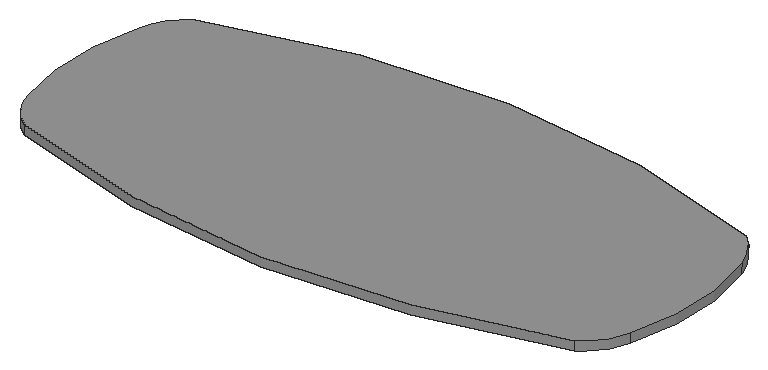
Revit family "Haworth_Epure_MeetingTop_EU_PRELIMINARY", category Furniture, Revit 2019
Family settings
  OmniClass Number = 23.40.70.14.64.11
  OmniClass Title = Office Furniture
  Work Plane-Based = No
  Always vertical = Yes
  Cut with Voids When Loaded = No
  Shared = No
  Room Calculation Point = No
Parameters (values of type "240 x 120 - Barrel")
  Warranty = "http://www.haworth.com/resources/product-info/warranties"
  URL - Product = "https://www.haworth.com/eu/en/products/office-desks/epure-01.html"
  Type Comments = ""
  URL = "https://www.haworth.com/eu/en.html"
  Top Finish [instance] = Haworth _ Laminate _ Undecided _ Tables
  Size = "Verify Final Dim.w/ Haworth"  # constant formula
  Revision Number = "1"  # constant formula
  Model = "EUMXTXXXX"  # constant formula
  Manufacturer = "Haworth"  # constant formula
  Leg Height = Actual Height - 3.5 cm  # 69.5 cm
  Description = "Haworth - Epure - Meeting Top"  # constant formula
  Author = "Haworth (Abd Rahman)"  # constant formula
  Assembly Code = "E2020200"
  Actual Width = 240 cm
  Actual Height = 73 cm  # constant formula
  Actual Depth = 120 cm
  70 x 70 - Rectangular = no
  70 x 70 - 90Deg Linking = no
  70 x 70 - 45Deg Linking = no
  70 x 70 - 1/4 Elliptical = no
  240 x 120 - Barrel = yes
  210 x 70 - Rectangular = no
  200 x 100 - Barrel = no
  140 x 70 - Rectangular = no
  140 x 70 - Half-moon = no
Types (9, lengths in cm): name | Actual Width | Actual Depth | 70 x 70 - Rectangular | 70 x 70 - 90Deg Linking | 70 x 70 - 45Deg Linking | 70 x 70 - 1/4 Elliptical | 240 x 120 - Barrel | 210 x 70 - Rectangular | 200 x 100 - Barrel | 140 x 70 - Rectangular | 140 x 70 - Half-moon
  70 x 70 - Rectangular | 70 | 70 | yes | no | no | no | no | no | no | no | no
  140 x 70 - Half-moon | 140 | 70 | no | no | no | no | no | no | no | no | yes
  140 x 70 - Rectangular | 140 | 70 | no | no | no | no | no | no | no | yes | no
  200 x 100 - Barrel | 200 | 100 | no | no | no | no | no | no | yes | no | no
  210 x 70 - Rectangular | 210 | 70 | no | no | no | no | no | yes | no | no | no
  240 x 120 - Barrel | 240 | 120 | no | no | no | no | yes | no | no | no | no
  70 x 70 - 1/4 Elliptical | 70 | 70 | no | no | no | yes | no | no | no | no | no
  70 x 70 - 45Deg Linking | 70 | 70 | no | no | yes | no | no | no | no | no | no
  70 x 70 - 90Deg Linking | 70 | 70 | no | yes | no | no | no | no | no | no | no
Reference planes (cm)
  plane 1 "Center F/B": y = 17.4526
  plane 2: z = 0
  plane 3 "Center L/R": x = 11.43
  plane 4 "Top": z = 73
  plane 5 "Left": x = -108.57
  plane 6 "Right": x = 131.43
  plane 7 "Back": y = 77.4526
  plane 8 "Front": y = -42.5474
  plane 9: z = 70.5
  plane 10: z = 69.5
Dimensions and locks (cm)
  "Actual Height": plane 4 "Top" to level
  equal spacing: plane 7 "Back", plane 1 "Center F/B", plane 8 "Front"
  "Actual Depth": plane 7 "Back" to plane 8 "Front"
  equal spacing: plane 5 "Left", plane 3 "Center L/R", plane 6 "Right"
  "Actual Width": plane 5 "Left" to plane 6 "Right"
  plane 4 "Top" to plane 9 to plane 10 = 2.5 cm locked, 1 cm locked
  aligned and locked: nested 1 to plane 10
  aligned and locked: plane 3 "Center L/R" to nested 1
  aligned and locked: plane 1 "Center F/B" to nested 1
Nested families (cm)
  nested 1: "Haworth_Epure_Top_MeetingEU-PART" at (67.1159, 24.6626, 25), Top Finish <- "Top Finish", type "Meeting Top"
    with Top Finish Haworth _ Laminate _ Undecided _ Tables
Definition of nested family "Haworth_Epure_Top_MeetingEU-PART"
  Parameters (values of type "Meeting Top")
    Warranty = "http://www.haworth.com/resources/product-info/warranties"
    URL - Product = ""
    URL = "https://www.haworth.com/eu/en.html"
    Top Finish [instance] = none
    Thickness = 3.5 cm
    Size = "Verify Final Dim. w/ Haworth"  # constant formula
    Revision Number = "1"  # constant formula
    Model = ""
    Manufacturer = "Haworth"  # constant formula
    Description = ""
    Author = "Haworth (Abd Rahman)"  # constant formula
    Assembly Code = "E2020200"
    Actual Mounting Height = 45 cm
    70 x 70 - Rectangular = yes
    70 x 70 - 90Deg Linking = yes
    70 x 70 - 45Deg Linking = yes
    70 x 70 - 1/4 Elliptical = yes
    240 x 120 - Barrel = yes
    210 x 70 - Rectangular = yes
    200 x 100 - Barrel = yes
    140 x 70 - Rectangular = yes
    140 x 70 - Half-moon = yes
  Reference planes (cm)
    plane 1: z = -0.5
    plane 2 "Top of top": z = 48
    plane 3 "Bottom of top": z = 44.5
    plane 4: x = -132.6859
    plane 5: x = 21.3141
    plane 6: x = -55.6859
    plane 7: y = 63.79
    plane 8: y = -78.21
    plane 9: y = -7.21
  Forms (cm)
    Extrusion 1, solid, material <- "Top Finish", visible <- "240 x 120 - Barrel"
      sketch origin (372.6683, 148.4364, 0) x (1, 0, 0) y (0, 1, 0)
        loop
          arc (-534.3294, -114.655) -> (-540.7985, -120.6767) -> (-544.2596, -128.8086) r 21.2579
          arc (-544.2596, -128.8086) -> (-548.3543, -155.6464) -> (-544.2596, -182.4843) r 89.9999
          arc (-544.2596, -182.4843) -> (-540.731, -190.6607) -> (-534.2545, -196.773) r 22.0374
          arc (-534.2545, -196.773) -> (-428.3049, -215.4194) -> (-322.3791, -196.6378) r 309.2073
          arc (-322.3791, -196.6378) -> (-315.8969, -190.6254) -> (-312.4489, -182.4843) r 21.0899
          arc (-312.4489, -182.4843) -> (-308.3543, -155.6464) -> (-312.4489, -128.8086) r 90
          arc (-312.4489, -128.8086) -> (-316.3119, -120.9586) -> (-322.3791, -114.655) r 28.4273
          arc (-322.3791, -114.655) -> (-428.3543, -95.8802) -> (-534.3294, -114.655) r 308.4776
      from 44.5 to 48
    Extrusion 2, solid, material <- "Top Finish", visible <- "200 x 100 - Barrel"
      sketch origin (670.1248, 143.8059, 0) x (1, 0, 0) y (0, 1, 0)
        loop
          arc (-629.6084, -126.66) -> (-633.4503, -118.6656) -> (-640.9993, -114.0091) r 15.7705
          arc (-640.9993, -114.0091) -> (-725.8107, -101.0384) -> (-810.6221, -114.0091) r 283.763
          arc (-810.6221, -114.0091) -> (-818.1711, -118.6656) -> (-822.013, -126.66) r 15.7705
          arc (-822.013, -126.66) -> (-825.7918, -151.0159) -> (-822.013, -175.3719) r 80.3824
          arc (-822.013, -175.3719) -> (-816.6854, -184.7861) -> (-806.7385, -189.0367) r 16.8886
          arc (-806.7385, -189.0367) -> (-725.8107, -200.8513) -> (-644.883, -189.0367) r 283.0766
          arc (-644.883, -189.0367) -> (-634.936, -184.7861) -> (-629.6084, -175.3719) r 16.8886
          arc (-629.6084, -175.3719) -> (-625.8297, -151.0159) -> (-629.6084, -126.66) r 80.3824
      from 44.5 to 48
    Extrusion 3, solid, material <- "Top Finish", visible <- "70 x 70 - 1/4 Elliptical"
      sketch origin (652.3099, -14.1405, 0) x (1, 0, 0) y (0, 1, 0)
        loop
          line (-782.9958, 33.9921) -> (-782.9958, -36.0079) -> (-775.1734, -36.0079)
          arc (-775.1734, -36.0079) -> (-730.153, -29.946) -> (-687.5566, -14.1625) r 205.9602
          arc (-687.5566, -14.1625) -> (-663.1214, 2.2148) -> (-643.5027, 24.1329) r 117.8631
          arc (-643.5027, 24.1329) -> (-636.2003, 38.5082) -> (-632.9958, 54.3103) r 59.9133
          line (-632.9958, 54.3103) -> (-632.9958, 58.9841) -> (-702.9958, 58.9841) -> (-702.9958, 58.2478)
          arc (-702.9958, 58.2478) -> (-704.5781, 53.9461) -> (-707.6722, 50.5645) r 11.8702
          arc (-707.6722, 50.5645) -> (-714.9047, 46.0092) -> (-722.7256, 42.5605) r 58.2912
          arc (-722.7256, 42.5605) -> (-736.3923, 38.5653) -> (-750.4272, 36.1651) r 123.8475
          arc (-750.4272, 36.1651) -> (-762.7871, 34.9284) -> (-775.1734, 33.9921) r 511.7291
          line (-775.1734, 33.9921) -> (-782.9958, 33.9921)
      from 44.5 to 48
    Extrusion 4, solid, material <- "Top Finish", visible <- "70 x 70 - 45Deg Linking"
      sketch origin (731.8315, -158.9238, 0) x (1, 0, 0) y (0, 1, 0)
        loop
          line (-752.5174, 172.3917) -> (-822.5174, 172.3917) -> (-823.4741, 170.082) -> (-773.9766, 120.5845)
          arc (-773.9766, 120.5845) -> (-758.0945, 144.3539) -> (-752.5174, 172.3917) r 73.2664
      from 44.5 to 48
    Extrusion 5, solid, material <- "Top Finish", visible <- "70 x 70 - 90Deg Linking"
      sketch origin (617.3099, -143.6981, 0) x (1, 0, 0) y (0, 1, 0)
        loop
          line (-637.9958, 171.4881) -> (-707.9958, 171.4881) -> (-707.9958, 101.4881) -> (-700.9958, 101.4881)
          arc (-700.9958, 101.4881) -> (-690.4631, 102.6967) -> (-680.4779, 106.2596) r 46.5
          arc (-680.4779, 106.2596) -> (-658.4983, 121.9906) -> (-642.7673, 143.9702) r 82.673
          arc (-642.7673, 143.9702) -> (-639.2044, 153.9554) -> (-637.9958, 164.4881) r 46.5
          line (-637.9958, 164.4881) -> (-637.9958, 171.4881)
      from 44.5 to 48
    Extrusion 6, solid, material <- "Top Finish", visible <- "140 x 70 - Half-moon"
      sketch origin (659.2436, -304.6654, 0) x (1, 0, 0) y (0, 1, 0)
        loop
          line (-784.9295, 323.349) -> (-784.9251, 313.349)
          arc (-784.9251, 313.349) -> (-781.0479, 293.4024) -> (-769.9809, 276.3608) r 53.2465
          arc (-769.9809, 276.3608) -> (-744.8269, 259.2038) -> (-714.9273, 253.451) r 75.0549
          arc (-714.9273, 253.451) -> (-685.0277, 259.2038) -> (-659.8737, 276.3608) r 75.0549
          arc (-659.8737, 276.3608) -> (-648.8067, 293.4024) -> (-644.9295, 313.349) r 53.2465
          line (-644.9295, 313.349) -> (-644.9295, 323.349) -> (-784.9295, 323.349)
      from 44.5 to 48
    Extrusion 7, solid, material <- "Top Finish", visible <- "70 x 70 - Rectangular"
      sketch origin (683.862, -437.0379, 0) x (1, 0, 0) y (0, 1, 0)
        loop
          line (-774.5479, 464.8279) -> (-774.5479, 394.8279) -> (-704.5479, 394.8279) -> (-704.5479, 464.8279) -> (-774.5479, 464.8279)
      from 44.5 to 48
    Extrusion 8, solid, material <- "Top Finish", visible <- "140 x 70 - Rectangular"
      sketch origin (539.0581, -433.6734, 0) x (1, 0, 0) y (0, 1, 0)
        loop
          line (-664.744, 461.4634) -> (-664.744, 391.4634) -> (-524.744, 391.4634) -> (-524.744, 461.4634) -> (-664.744, 461.4634)
      from 44.5 to 48
    Extrusion 9, solid, material <- "Top Finish", visible <- "210 x 70 - Rectangular"
      sketch origin (309.0436, -431.2264, 0) x (1, 0, 0) y (0, 1, 0)
        loop
          line (-469.7295, 461.6716) -> (-469.7295, 391.6716) -> (-259.7295, 391.6716) -> (-259.7295, 461.6716) -> (-469.7295, 461.6716)
      from 44.5 to 48
  Lines and regions (cm)
    Masking region 1, visible <- "70 x 70 - Rectangular"
      outline origin (683.862, -437.0379, 0) x (1, 0, 0) y (0, 1, 0)
        loop
          line (-774.5479, 394.8279) -> (-704.5479, 394.8279) -> (-704.5479, 464.8279) -> (-774.5479, 464.8279) -> (-774.5479, 394.8279)
    Masking region 2, visible <- "140 x 70 - Rectangular"
      outline origin (539.0581, -433.6734, 0) x (1, 0, 0) y (0, 1, 0)
        loop
          line (-524.744, 461.4634) -> (-664.744, 461.4634) -> (-664.744, 391.4634) -> (-524.744, 391.4634) -> (-524.744, 461.4634)
    Masking region 3, visible <- "210 x 70 - Rectangular"
      outline origin (309.0436, -431.2264, 0) x (1, 0, 0) y (0, 1, 0)
        loop
          line (-259.7295, 461.6716) -> (-469.7295, 461.6716) -> (-469.7295, 391.6716) -> (-259.7295, 391.6716) -> (-259.7295, 461.6716)
    Masking region 4, visible <- "140 x 70 - Half-moon"
      outline origin (659.2436, -304.6654, 0) x (1, 0, 0) y (0, 1, 0)
        loop
          line (-644.9294, 323.349) -> (-784.927, 323.349) -> (-784.927, 313.3493)
          arc (-784.927, 313.3493) -> (-781.0498, 293.4024) -> (-769.9826, 276.3605) r 53.2475
          arc (-769.9826, 276.3605) -> (-744.8282, 259.2032) -> (-714.928, 253.4504) r 75.0556
          arc (-714.928, 253.4504) -> (-685.0279, 259.2032) -> (-659.8736, 276.3604) r 75.0553
          arc (-659.8736, 276.3604) -> (-648.8066, 293.4021) -> (-644.9294, 313.3487) r 53.2468
          line (-644.9294, 313.3487) -> (-644.9294, 323.349)
    Masking region 5, visible <- "70 x 70 - 45Deg Linking"
      outline origin (731.8315, -158.9238, 0) x (1, 0, 0) y (0, 1, 0)
        loop
          arc (-773.9766, 120.5845) -> (-758.0945, 144.3539) -> (-752.5174, 172.3917) r 73.2664
          line (-752.5174, 172.3917) -> (-822.5174, 172.3917) -> (-823.4741, 170.082) -> (-773.9766, 120.5845)
    Masking region 6, visible <- "70 x 70 - 90Deg Linking"
      outline origin (617.3099, -143.6981, 0) x (1, 0, 0) y (0, 1, 0)
        loop
          line (-637.9958, 171.4881) -> (-707.9958, 171.4881) -> (-707.9958, 101.4881) -> (-700.9958, 101.4881)
          arc (-700.9958, 101.4881) -> (-690.4631, 102.6967) -> (-680.4779, 106.2596) r 46.5
          arc (-680.4779, 106.2596) -> (-658.4983, 121.9906) -> (-642.7673, 143.9702) r 82.673
          arc (-642.7673, 143.9702) -> (-639.2044, 153.9554) -> (-637.9958, 164.4881) r 46.5
          line (-637.9958, 164.4881) -> (-637.9958, 171.4881)
    Masking region 7, visible <- "70 x 70 - 1/4 Elliptical"
      outline origin (652.3099, -14.1405, 0) x (1, 0, 0) y (0, 1, 0)
        loop
          arc (-722.7256, 42.5605) -> (-736.3923, 38.5653) -> (-750.4272, 36.1651) r 123.8475
          arc (-750.4272, 36.1651) -> (-762.7871, 34.9284) -> (-775.1734, 33.9921) r 511.7291
          line (-775.1734, 33.9921) -> (-782.9958, 33.9921) -> (-782.9958, -36.0079) -> (-775.1734, -36.0079)
          arc (-775.1734, -36.0079) -> (-730.153, -29.946) -> (-687.5566, -14.1625) r 205.9602
          arc (-687.5566, -14.1625) -> (-663.1214, 2.2148) -> (-643.5027, 24.1329) r 117.8631
          arc (-643.5027, 24.1329) -> (-636.2003, 38.5082) -> (-632.9958, 54.3103) r 59.9133
          line (-632.9958, 54.3103) -> (-632.9958, 58.9841) -> (-702.9958, 58.9841) -> (-702.9958, 58.2478)
          arc (-702.9958, 58.2478) -> (-704.5781, 53.9461) -> (-707.6722, 50.5645) r 11.8702
          arc (-707.6722, 50.5645) -> (-714.9047, 46.0092) -> (-722.7256, 42.5605) r 58.2912
    Masking region 8, visible <- "200 x 100 - Barrel"
      outline origin (670.1248, 143.8059, 0) x (1, 0, 0) y (0, 1, 0)
        loop
          arc (-640.9993, -114.0091) -> (-725.8107, -101.0384) -> (-810.6221, -114.0091) r 283.763
          arc (-810.6221, -114.0091) -> (-818.1711, -118.6656) -> (-822.013, -126.66) r 15.7705
          arc (-822.013, -126.66) -> (-825.7918, -151.0159) -> (-822.013, -175.3719) r 80.3824
          arc (-822.013, -175.3719) -> (-816.6854, -184.7861) -> (-806.7385, -189.0367) r 16.8886
          arc (-806.7385, -189.0367) -> (-725.8107, -200.8513) -> (-644.883, -189.0367) r 283.0766
          arc (-644.883, -189.0367) -> (-634.936, -184.7861) -> (-629.6084, -175.3719) r 16.8886
          arc (-629.6084, -175.3719) -> (-625.8297, -151.0159) -> (-629.6084, -126.66) r 80.3824
          arc (-629.6084, -126.66) -> (-633.4503, -118.6656) -> (-640.9993, -114.0091) r 15.7705
    Masking region 9, visible <- "240 x 120 - Barrel"
      outline origin (372.6683, 148.4364, 0) x (1, 0, 0) y (0, 1, 0)
        loop
          arc (-322.3791, -114.655) -> (-428.3543, -95.8802) -> (-534.3294, -114.655) r 308.4776
          arc (-534.3294, -114.655) -> (-540.7985, -120.6767) -> (-544.2596, -128.8086) r 21.2579
          arc (-544.2596, -128.8086) -> (-548.3543, -155.6464) -> (-544.2596, -182.4843) r 89.9999
          arc (-544.2596, -182.4843) -> (-540.731, -190.6607) -> (-534.2545, -196.773) r 22.0374
          arc (-534.2545, -196.773) -> (-428.3049, -215.4194) -> (-322.3791, -196.6378) r 309.2073
          arc (-322.3791, -196.6378) -> (-315.8969, -190.6254) -> (-312.4489, -182.4843) r 21.0899
          arc (-312.4489, -182.4843) -> (-308.3543, -155.6464) -> (-312.4489, -128.8086) r 90
          arc (-312.4489, -128.8086) -> (-316.3119, -120.9586) -> (-322.3791, -114.655) r 28.4273
  Dimensions and locks (cm)
    "Thickness": plane 2 "Top of top" to plane 3 "Bottom of top"
    "Actual Mounting Height": plane 3 "Bottom of top" to plane 1
    equal spacing: plane 4, plane 6, plane 5
    equal spacing: plane 8, plane 9, plane 7
    aligned and locked: Extrusion 9 to plane 3 "Bottom of top"
    aligned and locked: Extrusion 1 to plane 3 "Bottom of top"
    aligned and locked: Extrusion 8 to plane 3 "Bottom of top"
    aligned and locked: Extrusion 2 to plane 3 "Bottom of top"
    aligned and locked: Extrusion 3 to plane 3 "Bottom of top"
    aligned and locked: Extrusion 5 to plane 3 "Bottom of top"
    aligned and locked: Extrusion 6 to plane 3 "Bottom of top"
    aligned and locked: Extrusion 7 to plane 3 "Bottom of top"
    aligned and locked: Extrusion 4 to plane 3 "Bottom of top"
    aligned and locked: plane 2 "Top of top" to Extrusion 1
    aligned and locked: plane 2 "Top of top" to Extrusion 9
    aligned and locked: plane 2 "Top of top" to Extrusion 8
    aligned and locked: plane 2 "Top of top" to Extrusion 2
    aligned and locked: plane 2 "Top of top" to Extrusion 3
    aligned and locked: plane 2 "Top of top" to Extrusion 5
    aligned and locked: plane 2 "Top of top" to Extrusion 6
    aligned and locked: plane 2 "Top of top" to Extrusion 7
    aligned and locked: plane 2 "Top of top" to Extrusion 4
  Automatic sketch dimensions
    Extrusion 1 sketch curve to plane 8 = 93.7605 cm
    plane 4 to Extrusion 1 sketch curve = 18.0421 cm
    Extrusion 1 sketch curve to Extrusion 1 sketch curve = 0.7173 cm
    Extrusion 1 sketch curve to Extrusion 1 sketch curve = 64.3247 cm
    Extrusion 1 sketch curve to plane 7 = 178.4342 cm
    Extrusion 1 sketch curve to Extrusion 1 sketch curve = 60.0001 cm
    Extrusion 1 sketch curve to Extrusion 1 sketch curve = 58.7713 cm
    Extrusion 1 sketch curve to Extrusion 1 sketch curve = 6.4214 cm
    Extrusion 1 sketch curve to Extrusion 1 sketch curve = 22.7605 cm
    Extrusion 1 sketch curve to Extrusion 1 sketch curve = 0 cm  (x2)
    Extrusion 1 sketch curve to Extrusion 1 sketch curve = 45.1346 cm
    Extrusion 1 sketch curve to Extrusion 1 sketch curve = 41.227 cm
    Extrusion 1 sketch curve to Extrusion 1 sketch curve = 225.8452 cm
    Extrusion 1 sketch curve to Extrusion 1 sketch curve = 11.5755 cm
    Extrusion 1 sketch curve to Extrusion 1 sketch curve = 10.933 cm
    Extrusion 1 sketch curve to Extrusion 1 sketch curve = 10.0051 cm
    Extrusion 1 sketch curve to Extrusion 1 sketch curve = 9.9302 cm  (x3)
    Extrusion 1 sketch curve to Extrusion 1 sketch curve = 10.7824 cm
    Extrusion 1 sketch curve to Extrusion 1 sketch curve = 4.4637 cm
    Extrusion 1 sketch curve to Extrusion 1 sketch curve = 105.8273 cm
    Extrusion 1 sketch curve to Extrusion 1 sketch curve = 105.9003 cm
    Extrusion 2 sketch curve to plane 8 = 92.7979 cm
    plane 4 to Extrusion 2 sketch curve = 3.6407 cm
    Extrusion 2 sketch curve to Extrusion 2 sketch curve = 1.0263 cm  (x2)
    Extrusion 2 sketch curve to Extrusion 2 sketch curve = 60.0157 cm  (x2)
    Extrusion 2 sketch curve to Extrusion 2 sketch curve = 79.6143 cm
    Extrusion 2 sketch curve to plane 7 = 162.2413 cm
    Extrusion 2 sketch curve to Extrusion 2 sketch curve = 80.6407 cm
    Extrusion 2 sketch curve to Extrusion 2 sketch curve = 39.1973 cm
    Extrusion 2 sketch curve to plane 8 = 71 cm
    Extrusion 2 sketch curve to Extrusion 2 sketch curve = 0 cm
    Extrusion 2 sketch curve to Extrusion 2 sketch curve = 21.1833 cm
    Extrusion 2 sketch curve to Extrusion 2 sketch curve = 42.9811 cm  (x2)
    Extrusion 2 sketch curve to Extrusion 2 sketch curve = 212.6022 cm
    Extrusion 2 sketch curve to Extrusion 2 sketch curve = 1.3134 cm  (x2)
    Extrusion 2 sketch curve to Extrusion 2 sketch curve = 4.1707 cm  (x2)
    Extrusion 2 sketch curve to Extrusion 2 sketch curve = 16.5879 cm
    Extrusion 2 sketch curve to Extrusion 2 sketch curve = 15.5616 cm  (x2)
    Extrusion 2 sketch curve to Extrusion 2 sketch curve = 3.1727 cm
    plane 4 to Extrusion 3 sketch curve = 22.5542 cm
    plane 7 to Extrusion 3 sketch curve = 43.9383 cm
    Extrusion 3 sketch curve to Extrusion 3 sketch curve = 24.5542 cm
    Extrusion 3 sketch curve to Extrusion 3 sketch curve = 3.0165 cm
    Extrusion 3 sketch curve to Extrusion 3 sketch curve = 7.8224 cm  (x2)
    Extrusion 3 sketch curve to Extrusion 3 sketch curve = 15.7274 cm
    Extrusion 3 sketch curve to Extrusion 3 sketch curve = 21.9811 cm
    Extrusion 3 sketch curve to Extrusion 3 sketch curve = 1.8242 cm
    plane 7 to Extrusion 3 sketch curve = 17.8128 cm
    Extrusion 3 sketch curve to Extrusion 3 sketch curve = 25.7288 cm
    plane 7 to Extrusion 3 sketch curve = 18.9464 cm
    Extrusion 3 sketch curve to Extrusion 3 sketch curve = 11.722 cm
    Extrusion 3 sketch curve to Extrusion 3 sketch curve = 10.2136 cm
    plane 7 to Extrusion 3 sketch curve = 23.6201 cm
    Extrusion 3 sketch curve to Extrusion 3 sketch curve = 59.7864 cm
    plane 9 to Extrusion 3 sketch curve = 42.9383 cm
    plane 7 to Extrusion 3 sketch curve = 19.722 cm
    Extrusion 3 sketch curve to Extrusion 3 sketch curve = 6.31 cm
    Extrusion 3 sketch curve to Extrusion 3 sketch curve = 10.6577 cm
    Extrusion 3 sketch curve to Extrusion 3 sketch curve = 24.7461 cm
    Extrusion 3 sketch curve to Extrusion 3 sketch curve = 0 cm  (x4)
    Extrusion 3 sketch curve to Extrusion 3 sketch curve = 8.0079 cm
    Extrusion 3 sketch curve to Extrusion 3 sketch curve = 7.6832 cm
    plane 7 to Extrusion 4 sketch curve = 50.3221 cm
    Extrusion 4 sketch curve to plane 4 = 38.7336 cm
    plane 7 to Extrusion 4 sketch curve = 52.6318 cm
    Extrusion 4 sketch curve to Extrusion 4 sketch curve = 2.3097 cm
    Extrusion 4 sketch curve to Extrusion 4 sketch curve = 0.9567 cm
    plane 7 to Extrusion 4 sketch curve = 102.1293 cm
    Extrusion 4 sketch curve to Extrusion 4 sketch curve = 49.4975 cm
    plane 7 to Extrusion 5 sketch curve = 27.0388 cm
    Extrusion 5 sketch curve to plane 4 = 33.0388 cm
    Extrusion 5 sketch curve to Extrusion 5 sketch curve = 8.9612 cm  (x2)
    Extrusion 5 sketch curve to Extrusion 5 sketch curve = 7 cm  (x2)
    Extrusion 5 sketch curve to Extrusion 5 sketch curve = 16.5 cm  (x2)
    Extrusion 5 sketch curve to Extrusion 5 sketch curve = 46.5 cm
    plane 7 to Extrusion 5 sketch curve = 106 cm
    Extrusion 5 sketch curve to Extrusion 5 sketch curve = 0 cm
    plane 7 to Extrusion 6 sketch curve = 45.1064 cm
    Extrusion 6 sketch curve to plane 4 = 7 cm
    Extrusion 6 sketch curve to Extrusion 6 sketch curve = 53.2509 cm
    Extrusion 6 sketch curve to Extrusion 6 sketch curve = 15.6876 cm  (x2)
    Extrusion 6 sketch curve to Extrusion 6 sketch curve = 2.1274 cm
    Extrusion 6 sketch curve to Extrusion 6 sketch curve = 53.2465 cm
    Extrusion 6 sketch curve to Extrusion 6 sketch curve = 10 cm
    Extrusion 6 sketch curve to Extrusion 6 sketch curve = 0 cm  (x5)
    Extrusion 6 sketch curve to Extrusion 6 sketch curve = 15.1493 cm
    Extrusion 6 sketch curve to Extrusion 6 sketch curve = 0.0044 cm
    Extrusion 7 sketch curve to plane 4 = 42 cm
    Extrusion 7 sketch curve to Extrusion 7 sketch curve = 70 cm  (x2)
    plane 7 to Extrusion 7 sketch curve = 106 cm
    Extrusion 8 sketch curve to plane 4 = 7 cm
    Extrusion 8 sketch curve to Extrusion 8 sketch curve = 140 cm
    plane 7 to Extrusion 8 sketch curve = 106 cm
    Extrusion 8 sketch curve to Extrusion 8 sketch curve = 70 cm
    plane 4 to Extrusion 9 sketch curve = 28 cm
    Extrusion 9 sketch curve to plane 4 = 182 cm
    plane 7 to Extrusion 9 sketch curve = 103.3447 cm
    Extrusion 9 sketch curve to Extrusion 9 sketch curve = 70 cm
    Masking region 1 sketch curve to plane 4 = 42 cm
    Masking region 1 sketch curve to Masking region 1 sketch curve = 70 cm  (x2)
    plane 7 to Masking region 1 sketch curve = 106 cm
    Masking region 2 sketch curve to plane 4 = 7 cm
    Masking region 2 sketch curve to Masking region 2 sketch curve = 140 cm
    plane 7 to Masking region 2 sketch curve = 106 cm
    Masking region 2 sketch curve to Masking region 2 sketch curve = 70 cm
    plane 4 to Masking region 3 sketch curve = 28 cm
    Masking region 3 sketch curve to plane 4 = 182 cm
    plane 7 to Masking region 3 sketch curve = 103.3447 cm
    Masking region 3 sketch curve to Masking region 3 sketch curve = 70 cm
    Masking region 4 sketch curve to plane 4 = 7.0024 cm
    Masking region 4 sketch curve to Masking region 4 sketch curve = 53.2475 cm
    Masking region 4 sketch curve to Masking region 4 sketch curve = 15.6875 cm
    Masking region 4 sketch curve to Masking region 4 sketch curve = 2.1282 cm
    Masking region 4 sketch curve to Masking region 4 sketch curve = 15.6877 cm
    Masking region 4 sketch curve to Masking region 4 sketch curve = 53.2468 cm
    plane 7 to Masking region 4 sketch curve = 55.1061 cm
    Masking region 4 sketch curve to Masking region 4 sketch curve = 0.0006 cm
    Masking region 4 sketch curve to Masking region 4 sketch curve = 10.0003 cm
    Masking region 4 sketch curve to Masking region 4 sketch curve = 15.1492 cm
    Masking region 4 sketch curve to Masking region 4 sketch curve = 0.0003 cm
    Masking region 4 sketch curve to Masking region 4 sketch curve = 0 cm
    Masking region 4 sketch curve to Masking region 4 sketch curve = 55.0547 cm
    plane 7 to Masking region 5 sketch curve = 50.3221 cm
    Masking region 5 sketch curve to plane 4 = 38.7336 cm
    plane 7 to Masking region 5 sketch curve = 52.6318 cm
    Masking region 5 sketch curve to Masking region 5 sketch curve = 2.3097 cm
    Masking region 5 sketch curve to Masking region 5 sketch curve = 0.9567 cm
    plane 7 to Masking region 5 sketch curve = 102.1293 cm
    Masking region 5 sketch curve to Masking region 5 sketch curve = 49.4975 cm
    plane 7 to Masking region 6 sketch curve = 27.0388 cm
    Masking region 6 sketch curve to plane 4 = 33.0388 cm
    Masking region 6 sketch curve to Masking region 6 sketch curve = 8.9612 cm  (x2)
    Masking region 6 sketch curve to Masking region 6 sketch curve = 7 cm  (x2)
    Masking region 6 sketch curve to Masking region 6 sketch curve = 16.5 cm  (x2)
    Masking region 6 sketch curve to Masking region 6 sketch curve = 46.5 cm
    plane 7 to Masking region 6 sketch curve = 106 cm
    Masking region 6 sketch curve to Masking region 6 sketch curve = 0 cm
    plane 4 to Masking region 7 sketch curve = 22.5542 cm
    plane 7 to Masking region 7 sketch curve = 43.9383 cm
    Masking region 7 sketch curve to Masking region 7 sketch curve = 24.5542 cm
    Masking region 7 sketch curve to Masking region 7 sketch curve = 3.0165 cm
    Masking region 7 sketch curve to Masking region 7 sketch curve = 7.8224 cm  (x2)
    Masking region 7 sketch curve to Masking region 7 sketch curve = 15.7274 cm
    Masking region 7 sketch curve to plane 7 = 19.5468 cm
    Masking region 7 sketch curve to Masking region 7 sketch curve = 21.9811 cm
    Masking region 7 sketch curve to Masking region 7 sketch curve = 1.8242 cm
    plane 7 to Masking region 7 sketch curve = 17.8128 cm
    Masking region 7 sketch curve to Masking region 7 sketch curve = 25.7288 cm
    plane 7 to Masking region 7 sketch curve = 18.9464 cm
    Masking region 7 sketch curve to Masking region 7 sketch curve = 11.722 cm
    plane 7 to Masking region 7 sketch curve = 19.722 cm
    Masking region 7 sketch curve to Masking region 7 sketch curve = 10.2136 cm
    plane 7 to Masking region 7 sketch curve = 23.6201 cm
    Masking region 7 sketch curve to Masking region 7 sketch curve = 59.7864 cm
    plane 9 to Masking region 7 sketch curve = 42.9383 cm
    Masking region 7 sketch curve to Masking region 7 sketch curve = 0.7363 cm
    Masking region 7 sketch curve to Masking region 7 sketch curve = 6.31 cm
    Masking region 7 sketch curve to Masking region 7 sketch curve = 61.7613 cm
    Masking region 7 sketch curve to Masking region 7 sketch curve = 10.6577 cm
    Masking region 7 sketch curve to Masking region 7 sketch curve = 374.7998 cm
    Masking region 7 sketch curve to Masking region 7 sketch curve = 0 cm  (x3)
    Masking region 8 sketch curve to plane 8 = 92.7979 cm  (x2)
    plane 4 to Masking region 8 sketch curve = 3.6407 cm
    Masking region 8 sketch curve to Masking region 8 sketch curve = 1.0263 cm  (x2)
    Masking region 8 sketch curve to Masking region 8 sketch curve = 60.0157 cm  (x2)
    Masking region 8 sketch curve to Masking region 8 sketch curve = 79.6143 cm
    Masking region 8 sketch curve to plane 7 = 162.2413 cm
    Masking region 8 sketch curve to Masking region 8 sketch curve = 80.6407 cm
    Masking region 8 sketch curve to Masking region 8 sketch curve = 39.1973 cm
    Masking region 8 sketch curve to Masking region 8 sketch curve = 21.7979 cm
    Masking region 8 sketch curve to Masking region 8 sketch curve = 0 cm
    Masking region 8 sketch curve to Masking region 8 sketch curve = 42.9811 cm  (x2)
    Masking region 8 sketch curve to Masking region 8 sketch curve = 212.6022 cm
    Masking region 8 sketch curve to Masking region 8 sketch curve = 1.3134 cm  (x2)
    Masking region 8 sketch curve to Masking region 8 sketch curve = 4.1707 cm  (x2)
    Masking region 8 sketch curve to Masking region 8 sketch curve = 16.5879 cm  (x2)
    Masking region 8 sketch curve to Masking region 8 sketch curve = 15.5616 cm
    Masking region 8 sketch curve to Masking region 8 sketch curve = 3.1727 cm
    Masking region 9 sketch curve to plane 8 = 93.7605 cm
    plane 4 to Masking region 9 sketch curve = 18.0421 cm
    Masking region 9 sketch curve to Masking region 9 sketch curve = 0.7173 cm
    Masking region 9 sketch curve to Masking region 9 sketch curve = 64.3247 cm
    Masking region 9 sketch curve to plane 7 = 178.4342 cm
    Masking region 9 sketch curve to Masking region 9 sketch curve = 94.8943 cm
    Masking region 9 sketch curve to Masking region 9 sketch curve = 94.3248 cm
    Masking region 9 sketch curve to Masking region 9 sketch curve = 60.0001 cm
    Masking region 9 sketch curve to Masking region 9 sketch curve = 58.7713 cm
    Masking region 9 sketch curve to Masking region 9 sketch curve = 6.4214 cm
    Masking region 9 sketch curve to plane 8 = 89.3608 cm
    Masking region 9 sketch curve to Masking region 9 sketch curve = 18.3608 cm
    Masking region 9 sketch curve to Masking region 9 sketch curve = 0 cm
    Masking region 9 sketch curve to Masking region 9 sketch curve = 45.1346 cm
    Masking region 9 sketch curve to Masking region 9 sketch curve = 41.227 cm
    Masking region 9 sketch curve to Masking region 9 sketch curve = 225.8452 cm
    Masking region 9 sketch curve to Masking region 9 sketch curve = 11.5755 cm
    Masking region 9 sketch curve to Masking region 9 sketch curve = 10.933 cm
    Masking region 9 sketch curve to Masking region 9 sketch curve = 10.0051 cm
    Masking region 9 sketch curve to Masking region 9 sketch curve = 9.9302 cm  (x3)
    Masking region 9 sketch curve to Masking region 9 sketch curve = 10.7824 cm
    Masking region 9 sketch curve to Masking region 9 sketch curve = 17.2038 cm
